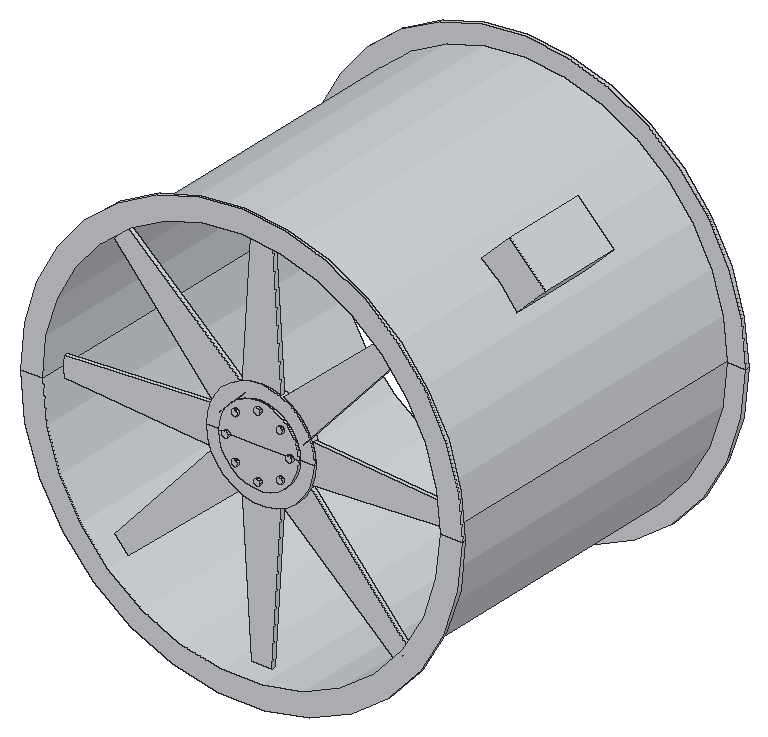
Revit family "CADS_Vent-Axia_MechEquip_Fan_LCA_630_3Ph2P - SUPPLY", category Mechanical Equipment, Revit 2020
Family settings
  Round Connector Dimension = Use Diameter
  Part Type = Normal
  OmniClass Number = 23.75.00.00
  OmniClass Title = Climate Control (HVAC)
  Work Plane-Based = No
  Always vertical = Yes
  Cut with Voids When Loaded = No
  Shared = No
  Room Calculation Point = No
Parameters (values of type "LCA633210")
  nr = NominalDiameter / 2  # 315 mm
  WorkingPressure = 0.0 Pa
  WarrantyStartDate [instance] = "1900-12-31T23:59:59"
  WarrantyPeriod = ""
  WarrantyIdentifier = "N/A"
  WarrantyGuarantorParts = "tech@vent-axia.com"
  WarrantyGuarantorLabor = "tech@vent-axia.com"
  WarrantyGuarantor = "Vent-Axia Limited"
  WarrantyEndDate [instance] = "1900-12-31T23:59:59"
  WarrantyContent = ""
  TemperatureRange = ""
  TagNumber [instance] = "N/A"
  SustainabilityPerformance = ""
  Status = "New"
  Size = ""
  Shape = ""
  ServiceLifeType = ""
  ServiceLifeDuration = ""
  SerialNumber [instance] = "N/A"
  ReplacementCost = ""
  RatedVoltage = 0 V
  RatedCurrent = 0 A
  Quantity = 1
  ProductionYear = ""
  PressureCurve = ""
  PowerFactor = ""
  PointOfContact = ""
  NumberOfPoles = 0
  NominalWidth = 630 mm
  NominalLength = 565 mm
  NominalHeight = 630 mm
  NominalFrequencyRange = ""
  NominalDiameter = 630 mm
  ModelReference = "LCAX 630mm 3PH 2P 10DEG"
  ModelNumber = "LCA633210"
  Material = ""
  ManufacturerE-Mail = "tech@vent-axia.com"
  ManufacturerAddress = "Fleming Way\nCrawley \nRH10 9YX"
  IsExtendedWarranty = no
  InsulationStandardClass = ""
  InstallationDate [instance] = "1900-12-31T23:59:59"
  IfcExportType [instance] = ""
  IfcExportAs = "IfcFanType"
  IP_Code = ""
  HasProtectiveEarth = no
  GrossWeight = 0.00 kg
  Grade = ""
  GlobalTradeItemNumber [instance] = "N/A"
  Fitting Type = "Ignore"
  Finish = ""
  Features = ""
  ExteriorInsulation = no
  ExpectedServiceLife = 0
  Exclusions = ""
  DurationUnit = "Year"
  Default Elevation = 0 mm
  Constituents = ""
  ConductorFunction = ""
  Color = ""
  CodePerformance = ""
  Category = ""
  CADS_Usage = 0
  CADS_Index = 0
  AssetType = "FIXED"
  AssetIdentifier [instance] = "N/A"
  AssemblyPlace = "UNKNOWN"
  ArticleNumber [instance] = "N/A"
  AirflowRateRange = 0.0 L/s
  Air Flow [instance] = 0.0 L/s
  AccessibilityPerformance = ""
Types (10, lengths in mm): name | ModelReference | ModelNumber
  LCA633210 | "LCAX 630mm 3PH 2P 10DEG" | "LCA633210"
  LCA633212 | "LCAX 630mm 3PH 2P 12DEG" | "LCA633212"
  LCA633214 | "LCAX 630mm 3PH 2P 14DEG" | "LCA633214"
  LCA633216 | "LCAX 630mm 3PH 2P 16DEG" | "LCA633216"
  LCA633218 | "LCAX 630mm 3PH 2P 18DEG" | "LCA633218"
  LCA633220 | "LCAX 630mm 3PH 2P 20DEG" | "LCA633220"
  LCA633222 | "LCAX 630mm 3PH 2P 22DEG" | "LCA633222"
  LCA633224 | "LCAX 630mm 3PH 2P 24DEG" | "LCA633224"
  LCA633226 | "LCAX 630mm 3PH 2P 26DEG" | "LCA633226"
  LCA633228 | "LCAX 630mm 3PH 2P 28DEG" | "LCA633228"
Reference planes
  plane 1 "Center (Front/Back)": y = 0
  plane 2: z = 0
  plane 3 "Center (Left/Right)": x = 0
  plane 4: x = -315
  plane 5: x = 315
  plane 6 "F": y = -282.5
  plane 7 "B": y = 282.5
  plane 8: x = -350
  plane 9: y = 277.5
  plane 10: y = -277.5
  plane 11: x = -320
  plane 12: y = -242.5
  plane 13 "top": z = 315
  plane 14: z = -315
  plane 15 "45deg": through (0, -1524, 0) normal (-0.7071, 0, -0.7071)
  plane 16 "C": through (0, -1524, 0) normal (-0.7071, 0, 0.7071)
Forms (mm)
  Revolve 1, solid
    sketch origin (0, 0, 0) x (1, 0, 0) y (0, 1, 0)
      loop
        line (-350, -282.5) -> (-315, -282.5) -> (-315, 282.5) -> (-350, 282.5) -> (-350, 277.5) -> (-320, 277.5) -> (-320, -277.5) -> (-350, -277.5) -> (-350, -282.5)
      axis (0, 282.5) -> (0, -282.5)
    angle from 0 to 360
  Sweep 2, solid
    path origin (0, 0, 0) x (1, 0, 0) y (0, 0, 1)
      loop
        line (222.739, 222.739) -> (268.701, 268.701)
    profile origin (245.72, 0, 245.72) x (-0.707107, 0, 0.707107) y (0, -1, 0)
      loop
        line (37.5, 55) -> (-42.73, 55) -> (-42.73, -79.5) -> (37.5, -79.5) -> (37.5, 55)
Dimensions and locks
  equal spacing: plane 4, plane 3 "Center (Left/Right)", plane 5
  equal spacing: plane 7 "B", plane 1 "Center (Front/Back)", plane 6 "F"
  "NominalLength": plane 7 "B" to plane 6 "F"
  "NominalDiameter": plane 4 to plane 5
  locked: plane 11 to plane 4 at 5
  locked: plane 8 to plane 11 at 30
  locked: plane 6 "F" to plane 10 at 5
  locked: plane 7 "B" to plane 9 at 5
  locked: plane 6 "F" to plane 12 at 40
  equal spacing: plane 13 "top", level, plane 14
  "NominalDiameter": plane 13 "top" to plane 14
  "nr": Sweep 2 sketch curve to nested 13
  Sweep 2 sketch curve to Sweep 2 sketch curve = 65 mm
  aligned and locked: level to plane 2
  aligned and locked: nested 1 to plane 12
Automatic sketch dimensions
  plane 6 "F" to Revolve 1 sketch curve = 0 mm
  Revolve 1 sketch curve to plane 8 = 0 mm  (x2)
  plane 10 to Revolve 1 sketch curve = 0 mm
  Revolve 1 sketch curve to plane 11 = 0 mm
  Revolve 1 sketch curve to plane 4 = 0 mm
  Revolve 1 sketch curve to plane 3 "Center (Left/Right)" = 0 mm
  plane 1 "Center (Front/Back)" to Revolve 1 sketch curve = 0 mm
  Revolve 1 sketch curve to plane 9 = 0 mm
  Revolve 1 sketch curve to plane 7 "B" = 0 mm
  plane 6 "F" to Revolve 1 sketch curve = 115 mm
  plane 1 "Center (Front/Back)" to Sweep 2 sketch curve = 55 mm
  Sweep 2 sketch curve to profile plane = 37.5 mm
  Sweep 2 sketch curve to Sweep 2 sketch curve = 80.23 mm
  Sweep 2 sketch curve to Sweep 2 sketch curve = 134.5 mm
  Sweep 2 sketch curve to plane 16 "C" = 0 mm  (x2)
Nested families
  nested 1: "Fan for ESC" at (0, -242.5, 0), ND <- "NominalDiameter", type "Fan for ESC"
    with hub 63 mm, ND 630 mm, BoltPCD 50.4 mm, Bolt Count 8, B_Diam 10 mm
  nested 2: "Bolts" at (0, -251.672, -50.4) x (-1, 0, 0) z (0, 1, 0), type "Bolts"
    with bd 10 mm
  nested 3: "Bolts" at (-35.638, -251.672, -35.638) x (-0.7071, 0, 0.7071) z (0, 1, 0), type "Bolts"
    with bd 10 mm
  nested 4: "Bolts" at (-50.4, -251.672, 0) x (0, 0, 1) z (0, 1, 0), type "Bolts"
    with bd 10 mm
  nested 5: "Bolts" at (-35.638, -251.672, 35.638) x (0.7071, 0, 0.7071) z (0, 1, 0), type "Bolts"
    with bd 10 mm
  nested 6: "Bolts" at (35.638, -251.672, 35.638) x (0.7071, 0, -0.7071) z (0, 1, 0), type "Bolts"
    with bd 10 mm
  nested 7: "Bolts" at (0, -251.672, 50.4) x (1, 0, 0) z (0, 1, 0), type "Bolts"
    with bd 10 mm
  nested 8: "ESC Blade" at (0, -242.5, 0), type "ESC Blade"
    with a 20.00°, HR 63 mm, HD 126 mm, BT 31.5 mm, BR 252 mm, BH 40 mm, BD 630 mm, BB 63 mm
  nested 9: "ESC Blade" at (0, -242.5, 0) x (0.7071, 0, -0.7071) z (0.7071, 0, 0.7071), type "ESC Blade"
    with a 20.00°, HR 63 mm, HD 126 mm, BT 31.5 mm, BR 252 mm, BH 40 mm, BD 630 mm, BB 63 mm
  nested 10: "ESC Blade" at (0, -242.5, 0) x (0, 0, -1) z (1, 0, 0), type "ESC Blade"
    with a 20.00°, HR 63 mm, HD 126 mm, BT 31.5 mm, BR 252 mm, BH 40 mm, BD 630 mm, BB 63 mm
  nested 11: "ESC Blade" at (0, -242.5, 0) x (-0.7071, 0, -0.7071) z (0.7071, 0, -0.7071), type "ESC Blade"
    with a 20.00°, HR 63 mm, HD 126 mm, BT 31.5 mm, BR 252 mm, BH 40 mm, BD 630 mm, BB 63 mm
  nested 12: "ESC Blade" at (0, -242.5, 0) x (-1, 0, 0) z (0, 0, -1), type "ESC Blade"
    with a 20.00°, HR 63 mm, HD 126 mm, BT 31.5 mm, BR 252 mm, BH 40 mm, BD 630 mm, BB 63 mm
  nested 13: "ESC Blade" at (0, -242.5, 0) x (-0.7071, 0, -0.7071) z (-0.7071, 0, 0.7071), type "ESC Blade"
    with a 20.00°, HR 63 mm, HD 126 mm, BT 31.5 mm, BR 252 mm, BH 40 mm, BD 630 mm, BB 63 mm
  nested 14: "ESC Blade" at (0, -242.5, 0) x (0, 0, -1) z (-1, 0, 0), type "ESC Blade"
    with a 20.00°, HR 63 mm, HD 126 mm, BT 31.5 mm, BR 252 mm, BH 40 mm, BD 630 mm, BB 63 mm
  nested 15: "ESC Blade" at (0, -242.5, 0) x (0.7071, 0, -0.7071) z (-0.7071, 0, -0.7071), type "ESC Blade"
    with a 20.00°, HR 63 mm, HD 126 mm, BT 31.5 mm, BR 252 mm, BH 40 mm, BD 630 mm, BB 63 mm
  nested 16: "Bolts" at (50.4, -251.672, 0) x (0, 0, -1) z (0, 1, 0), type "Bolts"
    with bd 10 mm
  nested 17: "Bolts" at (35.638, -251.672, -35.638) x (-0.7071, 0, -0.7071) z (0, 1, 0), type "Bolts"
    with bd 10 mm
Connectors
  hvac at (0, -282.5, 0), driven by "NominalDiameter", driven by "Air Flow"
    settings: on Revolve 1, index 1, duct flow 0.0 L/s, flow factor 0, pres drop 0.0 Pa, loss coef 0, conn angle 0.00°, conn width 304.8 mm, conn height 304.8 mm, conn diameter 630 mm, duct sys type 1, conn prof type 0, flow config 1, flow direction 1, loss method 0, conn ref index -1, conn util no, is conn primary yes, conn desc ""
  hvac at (0, 282.5, 0), driven by "NominalDiameter", driven by "Air Flow"
    settings: on Revolve 1, index 2, duct flow 0.0 L/s, flow factor 0, pres drop 0.0 Pa, loss coef 0, conn angle 0.00°, conn width 304.8 mm, conn height 304.8 mm, conn diameter 630 mm, duct sys type 1, conn prof type 0, flow config 0, flow direction 2, loss method 0, conn ref index -1, conn util no, is conn primary no, conn desc ""
Definition of nested family "Fan for ESC"
  Parameters (values of type "Fan for ESC")
    hub [instance] = ND / 10  # 56.7 mm
    ND [instance] = 567 mm
    Model = "."
    Default Elevation = 0 mm
    BoltPCD [instance] = hub - (hub * 0.2)  # 45.36 mm
    Bolt Count [instance] = if(hub < 50 mm, 6, 8)  # 8
    B_Diam [instance] = if(hub < 50 mm, 5 mm, 10 mm)  # 10 mm
  Reference planes
    plane 1 "Center (Front/Back)": y = 0
    plane 2: z = 0
    plane 3 "Center (Left/Right)": x = 0
    plane 4 "back": y = 20
    plane 5 "bolts": y = -9.172
    plane 6 "B": z = 56.7
    plane 7: x = -79.287
    plane 8: x = -56.7
    plane 9 "hubface": y = -6.172
  Forms (mm)
    Revolve 1, solid
      sketch origin (0, 0, 0) x (1, 0, 0) y (0, 1, 0)
        loop
          line (0, 20) -> (-56.7, 20) -> (-56.7, 10.504) -> (-79.287, 10.504) -> (-79.287, -2.597) -> (-56.7, -2.597) -> (-56.7, -6.172) -> (0, -6.172) -> (0, 20)
        axis (0, 20) -> (0, -6.172)
      angle from 0 to 360
    Extrusion 2, solid, not visible
      sketch origin (0, -6.347, -4) x (-1, 0, 0) y (0, 0, 1)
        loop
          circle (0, 84) r 5
      from 0 to 3
  Lines and regions (mm)
    symbolic lines
      curve 1: circle (0, -9.172, 0) r 45.36 normal (0, 1, 0)
    model lines, not visible
      curve 2: line (0, -6.347, 85) -> (0, -6.347, 75)
  Dimensions and locks
    "hub": plane 6 "B" to plane 2
    "hub": nested 3 to plane 3 "Center (Left/Right)"
    "hub": nested 4 to plane 3 "Center (Left/Right)"
    "hub": nested 5 to plane 3 "Center (Left/Right)"
    "hub": plane 3 "Center (Left/Right)" to nested 6
    "hub": Revolve 1 sketch curve to Revolve 1 sketch curve
    "hub": plane 3 "Center (Left/Right)" to nested 7
    "hub": plane 3 "Center (Left/Right)" to nested 8
    "hub": plane 3 "Center (Left/Right)" to nested 9
    "hub": plane 8 to plane 3 "Center (Left/Right)"
    plane 7 to plane 8 = 22.587 mm
    diameter of Extrusion 2 sketch curve = 10 mm
    "BoltPCD": radius of curve 1
    "BoltPCD": radius of radial array
    aligned and locked: level to plane 2
    aligned and locked: plane 6 "B" to nested 1
  Automatic sketch dimensions
    Revolve 1 sketch curve to plane 7 = 0 mm
    Revolve 1 sketch curve to plane 8 = 0 mm  (x2)
    Revolve 1 sketch curve to plane 3 "Center (Left/Right)" = 0 mm
    Revolve 1 sketch curve to plane 9 "hubface" = 0 mm
    plane 4 "back" to Revolve 1 sketch curve = 0 mm
    plane 1 "Center (Front/Back)" to Revolve 1 sketch curve = 2.597 mm
    plane 4 "back" to Revolve 1 sketch curve = 9.496 mm
    Revolve 1 sketch curve to Revolve 1 sketch curve = 5 mm
    Revolve 1 sketch curve to plane 4 "back" = 45 mm
    curve 1 to level = 0 mm
    curve 1 to plane 3 "Center (Left/Right)" = 0 mm
  Nested families
    nested 1: "ESC Blade" at (0, 0, 0), BD <- "ND", HD <- "hub", type "ESC Blade"
      with a 20.00°, HR 56.7 mm, HD 113.4 mm, BT 28.35 mm, BR 226.8 mm, BH 40 mm, BD 567 mm, BB 56.7 mm
    nested 2: "ESC Blade" at (0, 0, 755), BD <- "ND", HD <- "hub", type "ESC Blade", not visible
      with a 20.00°, HR 56.7 mm, HD 113.4 mm, BT 28.35 mm, BR 226.8 mm, BH 40 mm, BD 567 mm, BB 56.7 mm
    nested 3: "ESC Blade" at (0, 0, 0) x (0.7071, 0, -0.7071) z (0.7071, 0, 0.7071), BD <- "ND", HD <- "hub", type "ESC Blade"
      with a 20.00°, HR 56.7 mm, HD 113.4 mm, BT 28.35 mm, BR 226.8 mm, BH 40 mm, BD 567 mm, BB 56.7 mm
    nested 4: "ESC Blade" at (0, 0, 0) x (0, 0, -1) z (1, 0, 0), BD <- "ND", HD <- "hub", type "ESC Blade"
      with a 20.00°, HR 56.7 mm, HD 113.4 mm, BT 28.35 mm, BR 226.8 mm, BH 40 mm, BD 567 mm, BB 56.7 mm
    nested 5: "ESC Blade" at (0, 0, 0) x (-0.7071, 0, -0.7071) z (0.7071, 0, -0.7071), BD <- "ND", HD <- "hub", type "ESC Blade"
      with a 20.00°, HR 56.7 mm, HD 113.4 mm, BT 28.35 mm, BR 226.8 mm, BH 40 mm, BD 567 mm, BB 56.7 mm
    nested 6: "ESC Blade" at (0, 0, 0) x (-1, 0, 0) z (0, 0, -1), BD <- "ND", HD <- "hub", type "ESC Blade"
      with a 20.00°, HR 56.7 mm, HD 113.4 mm, BT 28.35 mm, BR 226.8 mm, BH 40 mm, BD 567 mm, BB 56.7 mm
    nested 7: "ESC Blade" at (0, 0, 0) x (-0.7071, 0, -0.7071) z (-0.7071, 0, 0.7071), BD <- "ND", HD <- "hub", type "ESC Blade"
      with a 20.00°, HR 56.7 mm, HD 113.4 mm, BT 28.35 mm, BR 226.8 mm, BH 40 mm, BD 567 mm, BB 56.7 mm
    nested 8: "ESC Blade" at (0, 0, 0) x (0, 0, -1) z (-1, 0, 0), BD <- "ND", HD <- "hub", type "ESC Blade"
      with a 20.00°, HR 56.7 mm, HD 113.4 mm, BT 28.35 mm, BR 226.8 mm, BH 40 mm, BD 567 mm, BB 56.7 mm
    nested 9: "ESC Blade" at (0, 0, 0) x (0.7071, 0, -0.7071) z (-0.7071, 0, -0.7071), BD <- "ND", HD <- "hub", type "ESC Blade"
      with a 20.00°, HR 56.7 mm, HD 113.4 mm, BT 28.35 mm, BR 226.8 mm, BH 40 mm, BD 567 mm, BB 56.7 mm
    nested 10: "Bolts" at (0, -9.172, 45.36) x (1, 0, 0) z (0, 1, 0), bd <- "B_Diam", type "Bolts"
      with bd 10 mm
    nested 11: "Bolts" at (32.074, -9.172, 32.074) x (0.7071, 0, -0.7071) z (0, 1, 0), bd <- "B_Diam", type "Bolts"
      with bd 10 mm
    nested 12: "Bolts" at (-32.074, -9.172, 32.074) x (0.7071, 0, 0.7071) z (0, 1, 0), bd <- "B_Diam", type "Bolts"
      with bd 10 mm
    nested 13: "Bolts" at (-45.36, -9.172, 0) x (0, 0, 1) z (0, 1, 0), bd <- "B_Diam", type "Bolts"
      with bd 10 mm
    nested 14: "Bolts" at (-32.074, -9.172, -32.074) x (-0.7071, 0, 0.7071) z (0, 1, 0), bd <- "B_Diam", type "Bolts"
      with bd 10 mm
    nested 15: "Bolts" at (0, -9.172, -45.36) x (-1, 0, 0) z (0, 1, 0), bd <- "B_Diam", type "Bolts"
      with bd 10 mm
    nested 16: "Bolts" at (32.074, -9.172, -32.074) x (-0.7071, 0, -0.7071) z (0, 1, 0), bd <- "B_Diam", type "Bolts"
      with bd 10 mm
    nested 17: "Bolts" at (45.36, -9.172, 0) x (0, 0, -1) z (0, 1, 0), bd <- "B_Diam", type "Bolts"
      with bd 10 mm
  Definition of nested family "ESC Blade"
    Parameters (values of type "ESC Blade")
      a [instance] = 20.00°
      HR [instance] = HD / 2  # 30 mm
      HD [instance] = BD / 5  # 60 mm
      Default Elevation = 1219.2 mm
      BT [instance] = BD / 20  # 15 mm
      BR [instance] = (BD / 2) - HR  # 120 mm
      BH [instance] = 40 mm
      BD [instance] = 300 mm
      BB [instance] = BD / 10  # 30 mm
    Reference planes
      plane 1 "Center (Front/Back)": y = 0
      plane 2: z = 0
      plane 3 "Center (Left/Right)": x = 0
      plane 4 "Blade Bot": z = 30
      plane 5: x = -15
      plane 6: x = 15
      plane 7: x = -7.5
      plane 8: x = 7.5
    Forms (mm)
      Blend 1, solid
        base sketch origin (0, 0, 30) x (-1, 0, 0) y (0, -1, 0)
          loop
            line (15, 0) -> (-15, 0) -> (-15, -6) -> (15, -6) -> (15, 0)
        top sketch origin (0, 0, 30) x (-1, 0, 0) y (0, -1, 0)
          loop
            line (7.5, -6) -> (7.5, 0) -> (-7.5, 0) -> (-7.5, -6) -> (7.5, -6)
        from 0 to 120 <- "BR"
    Dimensions and locks
      "HR": plane 4 "Blade Bot" to level
      equal spacing: plane 8, plane 3 "Center (Left/Right)", plane 7
      "BT": plane 8 to plane 7
      equal spacing: plane 6, plane 3 "Center (Left/Right)", plane 5
      "BB": plane 6 to plane 5
      aligned and locked: level to plane 2
    Automatic sketch dimensions
      plane 1 "Center (Front/Back)" to Blend 1 sketch curve = 0 mm  (x2)
      Blend 1 sketch curve to plane 6 = 0 mm
      Blend 1 sketch curve to plane 5 = 0 mm
      Blend 1 sketch curve to plane 1 "Center (Front/Back)" = 6 mm  (x2)
      Blend 1 sketch curve to plane 8 = 0 mm
      Blend 1 sketch curve to plane 7 = 0 mm
  Definition of nested family "Bolts"
    Parameters
      bd [instance] = 10 mm
      Default Elevation = 1219.2 mm
    Reference planes
      plane 1 "Center (Front/Back)": y = 0
      plane 2: z = 0
      plane 3 "Center (Left/Right)": x = 0
    Forms (mm)
      Extrusion 1, solid
        sketch origin (0, 0, 0) x (1, 0, 0) y (0, 1, 0)
          loop
            line (-1219.2, 1219.2) -> (-1219.2, -1219.2) -> (1219.2, -1219.2) -> (1219.2, 1219.2) -> (-1219.2, 1219.2)
        from 0 to -304.8
      Extrusion 2, solid
        sketch origin (0, 0, 0) x (1, 0, 0) y (0, 1, 0)
          loop
            circle (0, 0) r 5
        from 0 to 3
    Dimensions and locks
      "bd": diameter of Extrusion 2 sketch curve
      aligned and locked: plane 2 to Extrusion 1
      aligned and locked: level to Extrusion 1
    Automatic sketch dimensions
      Extrusion 1 sketch curve to Extrusion 1 sketch curve = 2438.4 mm  (x2)
      plane 1 "Center (Front/Back)" to Extrusion 2 sketch curve = 0 mm
      Extrusion 2 sketch curve to plane 3 "Center (Left/Right)" = 0 mm
Definition of nested family "Bolts"
  Parameters
    bd [instance] = 10 mm
    Default Elevation = 1219.2 mm
  Reference planes
    plane 1 "Center (Front/Back)": y = 0
    plane 2: z = 0
    plane 3 "Center (Left/Right)": x = 0
  Forms (mm)
    Extrusion 1, solid
      sketch origin (0, 0, 0) x (1, 0, 0) y (0, 1, 0)
        loop
          line (-1219.2, 1219.2) -> (-1219.2, -1219.2) -> (1219.2, -1219.2) -> (1219.2, 1219.2) -> (-1219.2, 1219.2)
      from 0 to -304.8
    Extrusion 2, solid
      sketch origin (0, 0, 0) x (1, 0, 0) y (0, 1, 0)
        loop
          circle (0, 0) r 5
      from 0 to 3
  Dimensions and locks
    "bd": diameter of Extrusion 2 sketch curve
    aligned and locked: plane 2 to Extrusion 1
    aligned and locked: level to Extrusion 1
  Automatic sketch dimensions
    Extrusion 1 sketch curve to Extrusion 1 sketch curve = 2438.4 mm  (x2)
    plane 1 "Center (Front/Back)" to Extrusion 2 sketch curve = 0 mm
    Extrusion 2 sketch curve to plane 3 "Center (Left/Right)" = 0 mm
Definition of nested family "ESC Blade"
  Parameters (values of type "ESC Blade")
    a [instance] = 20.00°
    HR [instance] = HD / 2  # 30 mm
    HD [instance] = BD / 5  # 60 mm
    Default Elevation = 1219.2 mm
    BT [instance] = BD / 20  # 15 mm
    BR [instance] = (BD / 2) - HR  # 120 mm
    BH [instance] = 40 mm
    BD [instance] = 300 mm
    BB [instance] = BD / 10  # 30 mm
  Reference planes
    plane 1 "Center (Front/Back)": y = 0
    plane 2: z = 0
    plane 3 "Center (Left/Right)": x = 0
    plane 4 "Blade Bot": z = 30
    plane 5: x = -15
    plane 6: x = 15
    plane 7: x = -7.5
    plane 8: x = 7.5
  Forms (mm)
    Blend 1, solid
      base sketch origin (0, 0, 30) x (-1, 0, 0) y (0, -1, 0)
        loop
          line (15, 0) -> (-15, 0) -> (-15, -6) -> (15, -6) -> (15, 0)
      top sketch origin (0, 0, 30) x (-1, 0, 0) y (0, -1, 0)
        loop
          line (7.5, -6) -> (7.5, 0) -> (-7.5, 0) -> (-7.5, -6) -> (7.5, -6)
      from 0 to 120 <- "BR"
  Dimensions and locks
    "HR": plane 4 "Blade Bot" to level
    equal spacing: plane 8, plane 3 "Center (Left/Right)", plane 7
    "BT": plane 8 to plane 7
    equal spacing: plane 6, plane 3 "Center (Left/Right)", plane 5
    "BB": plane 6 to plane 5
    aligned and locked: level to plane 2
  Automatic sketch dimensions
    plane 1 "Center (Front/Back)" to Blend 1 sketch curve = 0 mm  (x2)
    Blend 1 sketch curve to plane 6 = 0 mm
    Blend 1 sketch curve to plane 5 = 0 mm
    Blend 1 sketch curve to plane 1 "Center (Front/Back)" = 6 mm  (x2)
    Blend 1 sketch curve to plane 8 = 0 mm
    Blend 1 sketch curve to plane 7 = 0 mm
